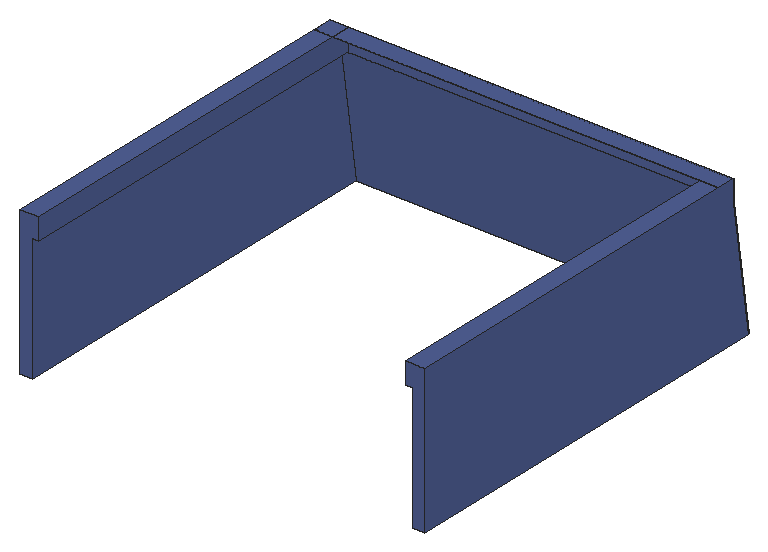
Revit family "DockEquipment_RailShelter_SuperSeal_0601", category Generic Models, Revit 2011
Parameters
  offset [instance] = 0' - 10 3/4"
  Warranty Duration (Years) = 0
  Unit Width [instance] = Clear Width + (Bumper Width * 2)  # 11' - 0"
  Unit Height [instance] = Clear Height + Slope Rise + 0' 6"  # 11' - 0"
  Unit Depth = 4' - 0"
  URL = "http://www.supersealmfg.com/"
  Specification = ""
  SpecWizard = ""
  Slope Rise = 0' - 6"
  Send Message = "http://www.arcat.com/users.pl?action=UserEmail&company=Super-Seal%20Mfg.%20Ltd&coid=44693&rep=119&fax=905-850-4440 &mf="
  Sales Information = "http://www.supersealmfg.com/ContactUs.htm"
  Revision = "R1_07-2011"
  Product Properties = ""
  Product Data = "http://arcat.com/arcatcos/cos44/arc44693.html?isac=1&r=1"
  Bumper Width = 0' - 6"
  Model = "As Specified"
  Material = Plastic - Vinyl - Super Seal - Blue
  Manufacturer Website = "http://www.supersealmfg.com/"
  Manufacturer Phone - Toll Free = "800-337-3239 "
  Manufacturer Phone = "800-337-3239 "
  Manufacturer Fax = "905-850-4440 "
  Manufacturer Address = "670 Rowntree Dairy Rd. Woodbridge , ON, Canada L4L-5T8"
  Manufacturer = "Super-Seal Mfg. Ltd"
  Maintenance Schedule (Months) = 0
  Keynote = ""
  Installation-Fabrication = ""
  Installation Phase = ""
  Green Building-LEED = ""
  Expected Lifespan (Years) = 0
  Drawn By = "Sumex Design, Inc. / Robert S. Weygant, CSI, CDT, SCIP"
  Description = "Super Seal"
  Default Elevation = 4' - 0"
  Copyright = "©Arcat Inc."
  Construction Details = "http://arcat.com/details/supersea/supersea.html?coid=44693"
  Clear Width [instance] = 10' - 0"
  Clear Height [instance] = 10' - 0"
  Base Offset [instance] = if([4 Sided], 0' 4", 0' 0")  # 0' - 0"
  Assembly Code = ""
  4 Sided [instance] = no
Reference planes (in)
  plane 1 "Center (Front/Back)": y = 0
  plane 2 "Bottom": z = 0
  plane 3 "Center (Left/Right)": x = 0
  plane 4 "Front": y = -60
  plane 5 "Left": x = -66
  plane 6 "Right": x = 66
  plane 7 "Top": z = 48
  plane 8: x = -60
  plane 9: x = 60
  plane 10: y = 60
  plane 11: x = -63
  plane 12: x = 63
  plane 13: y = 66
  plane 14: y = 72
  plane 15: z = 41
Forms (in)
  Extrusion 1, solid, material "Plastic - Vinyl - Super Seal - Blue" <- "Material"
    sketch origin (-66, 16.34522, 48) x (0, 1, 0) y (0, 0, 1)
      loop
        line (49.65478, -7) -> (-76.34522, -7) -> (-76.34522, -48) -> (55.65478, -48) -> (49.65478, -7)
    from 0 to 4
  Extrusion 2, solid, material "Plastic - Vinyl - Super Seal - Blue" <- "Material"
    sketch origin (66, 16.34522, 48) x (0, 1, 0) y (0, 0, 1)
      loop
        line (49.65478, -7) -> (-76.34522, -7) -> (-76.34522, -48) -> (55.65478, -48) -> (49.65478, -7)
    from 0 to -4
  Sweep 3, solid, material "Plastic - Vinyl - Super Seal - Blue" <- "Material"
    path origin (0, 0, 0) x (0, 1, 0) y (0, 0, 1)
      loop
        line (72, 0) -> (66, 41) -> (66, 48) -> (60, 48)
    profile origin (0, 69, 20.5) x (0, -0.989461, -0.144799) y (1, 0, 0)
      loop
        line (0, -66) -> (0, 66) -> (-0.125, 66) -> (-0.125, -66) -> (0, -66)
  Extrusion 4, solid, material "Plastic - Vinyl - Super Seal - Blue" <- "Material", visible <- "4 Sided"
    sketch origin (0, 0, 0) x (1, 0, 0) y (0, 1, 0)
      loop
        line (-60, -60) -> (-60, -64) -> (60, -64) -> (60, -60) -> (-60, -60)
    from 0 to 48
  Extrusion 5, solid, material "Plastic - Vinyl - Super Seal - Blue" <- "Material"
    sketch origin (-66, 16.34522, 48) x (0, 1, 0) y (0, 0, 1)
      loop
        line (49.65478, 0) -> (-76.34522, 0) -> (-76.34522, -7) -> (49.65478, -7) -> (49.65478, 0)
    from 0 to 6
  Extrusion 6, solid, material "Plastic - Vinyl - Super Seal - Blue" <- "Material"
    sketch origin (66, 16.34522, 48) x (0, 1, 0) y (0, 0, 1)
      loop
        line (49.65478, 0) -> (-76.34522, 0) -> (-76.34522, -7) -> (49.65478, -7) -> (49.65478, 0)
    from 0 to -6
Cuts and joins
  joined: Extrusion 1, Extrusion 5
  joined: Extrusion 2, Extrusion 6
Dimensions and locks (in)
  equal spacing: plane 5 "Left", plane 3 "Center (Left/Right)", plane 6 "Right"
  "Unit Width": plane 5 "Left" to plane 6 "Right"
  equal spacing: plane 10, plane 1 "Center (Front/Back)", plane 4 "Front"
  "Unit Depth": plane 7 "Top" to level
  equal spacing: plane 8, plane 3 "Center (Left/Right)", plane 9
  "Clear Width": plane 8 to plane 9
  "Clear Height": plane 10 to plane 4 "Front"
  "Unit Height": plane 14 to plane 4 "Front"
  equal spacing: plane 9, plane 12, plane 6 "Right"
  equal spacing: plane 5 "Left", plane 11, plane 8
  "Slope Rise": plane 14 to plane 13
  locked: plane 7 "Top" to plane 15 at 7
  "Base Offset": plane 4 "Front" to Extrusion 1 sketch curve
  "Base Offset": plane 4 "Front" to Extrusion 2 sketch curve
  "Base Offset": plane 4 "Front" to cut or joined group of Extrusion 1, Extrusion 5
  "Base Offset": plane 4 "Front" to cut or joined group of Extrusion 2, Extrusion 6
  aligned and locked: plane 5 "Left" to Sweep 3 sketch curve
  aligned and locked: Sweep 3 sketch curve to plane 6 "Right"
  aligned and locked: plane 7 "Top" to Extrusion 4
  aligned and locked: plane 8 to Extrusion 5
  aligned and locked: Extrusion 6 to plane 9
Automatic sketch dimensions
  Sweep 3 sketch curve to plane 7 "Top" = 0' - 0"
  Sweep 3 sketch curve to plane 10 = 0' - 0"
  Sweep 3 sketch curve to plane 13 = 0' - 0"
  Sweep 3 sketch curve to level = 0' - 0"
  Sweep 3 sketch curve to plane 14 = 0' - 0"
  Sweep 3 sketch curve to plane 15 = 0' - 0"
  Sweep 3 sketch curve to profile plane = 0' - 0"
  Sweep 3 sketch curve to Sweep 3 sketch curve = 0' - 0 1/8"
  Extrusion 4 sketch curve to plane 8 = 0' - 0"
  Extrusion 4 sketch curve to plane 9 = 0' - 0"
  Extrusion 4 sketch curve to plane 4 "Front" = 0' - 0"
  Extrusion 4 sketch curve to plane 4 "Front" = 0' - 4"
  Extrusion 5 sketch curve to plane 13 = 0' - 0"
  Extrusion 5 sketch curve to plane 7 "Top" = 0' - 0"
  Extrusion 5 sketch curve to plane 4 "Front" = 0' - 0"
  Extrusion 5 sketch curve to plane 15 = 0' - 0"
  Extrusion 1 sketch curve to plane 13 = 0' - 0"
  Extrusion 1 sketch curve to level = 0' - 0"
  Extrusion 1 sketch curve to plane 14 = 0' - 0"
  Extrusion 1 sketch curve to plane 15 = 0' - 0"
  Extrusion 6 sketch curve to plane 13 = 0' - 0"
  Extrusion 6 sketch curve to plane 7 "Top" = 0' - 0"
  Extrusion 6 sketch curve to plane 4 "Front" = 0' - 0"
  Extrusion 6 sketch curve to plane 15 = 0' - 0"
  Extrusion 2 sketch curve to plane 13 = 0' - 0"
  Extrusion 2 sketch curve to level = 0' - 0"
  Extrusion 2 sketch curve to plane 14 = 0' - 0"
  Extrusion 2 sketch curve to plane 15 = 0' - 0"
